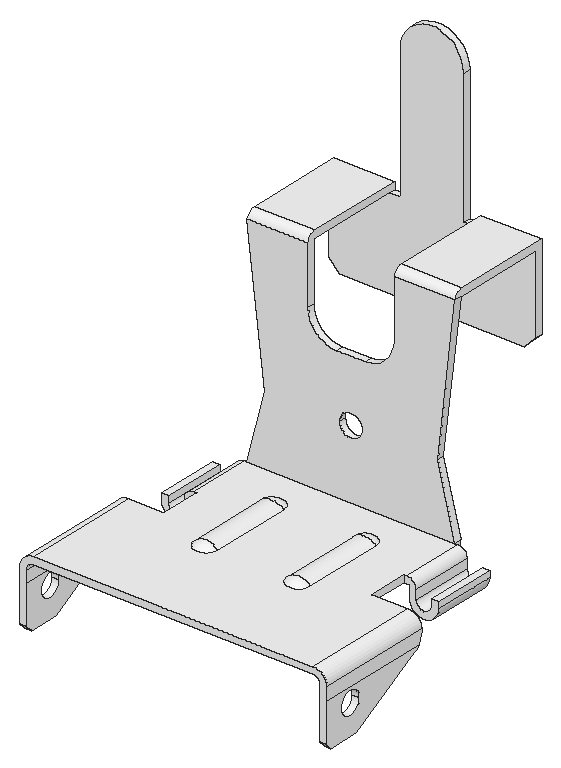
Revit family "Power-Wクリップ", category 機械設備, Revit 2020
Family settings
  丸型コネクタ寸法 = 直径を使用
  種別 = なし
  パーツ タイプ = 標準
  作業面ベース = いいえ
  常に垂直 = はい
  ロード時にボイドで切り取り = いいえ
  共有 = いいえ
  部屋計算ポイント = いいえ
Parameters
  製造元 = "株式会社桐井製作所"
  既定の高さ = 0 mm
  URL = "https://www.kirii.co.jp/"
  K_板厚(mm) = 1.2 mm
  K_品名 = "Power-Wクリップ"
  K_名称 = "耐震クリップ"
  K_入数 = "200"
  K_バージョン情報 = "20220131"
Reference planes
  plane 1 "中心(正面/背面)": y = 0
  plane 2: z = 0
  plane 3 "中心(左/右)": x = 0
Forms (mm)
  Extrusion 1, solid
    sketch origin (0, 30, 0) x (0, 1, 0) y (0, 0, 1)
      loop
        line (-49.2, 0) -> (-38.6, 0) -> (-31.2, 0)
        arc (-31.2, 0) -> (-30.351, 0.351) -> (-30, 1.2) r 1.2
        line (-30, 1.2) -> (-30, 39) -> (-13.6, 39) -> (-13.6, 23.4) -> (-12.4, 23.4) -> (-12.4, 40.2) -> (-29.6, 40.2)
        arc (-29.6, 40.2) -> (-30.6, 39.867) -> (-31.2, 39) r 1.667
        line (-31.2, 39) -> (-31.2, 1.2) -> (-49.2, 1.2) -> (-49.2, 0)
    from -18 to 18
  Extrusion 2, solid
    sketch origin (0, 0, 0) x (1, 0, 0) y (0, 0, 1)
      loop
        arc (24.2, 0) -> (25.049, -0.351) -> (25.4, -1.2) r 1.2
        line (25.4, -1.2) -> (25.4, -3.3) -> (25.4, -11.104) -> (26.6, -11.104) -> (26.6, -3.3) -> (26.6, -1.2)
        arc (26.6, -1.2) -> (25.897, 0.497) -> (24.2, 1.2) r 2.4
        line (24.2, 1.2) -> (-24.2, 1.2)
        arc (-24.2, 1.2) -> (-25.897, 0.497) -> (-26.6, -1.2) r 2.4
        line (-26.6, -1.2) -> (-26.6, -3.3) -> (-26.6, -11.1) -> (-25.4, -11.1) -> (-25.4, -3.3) -> (-25.4, -1.2)
        arc (-25.4, -1.2) -> (-25.049, -0.351) -> (-24.2, 0) r 1.2
        line (-24.2, 0) -> (24.2, 0)
    from 19.2 to 39.7
  Extrusion 3, solid
    sketch origin (0, 0, 0) x (1, 0, 0) y (0, 0, 1)
      loop
        line (-22.8, -1.95) -> (-22.8, -0.9) -> (-24, -0.9) -> (-24, -1.95)
        arc (-24, -1.95) -> (-21.45, -4.5) -> (-18.9, -1.95) r 2.55
        line (-18.9, -1.95) -> (-18.9, 0) -> (18.9, 0) -> (18.9, -1.95)
        arc (18.9, -1.95) -> (21.45, -4.5) -> (24, -1.95) r 2.55
        line (24, -1.95) -> (24, -0.9) -> (22.8, -0.9) -> (22.8, -1.95)
        arc (22.8, -1.95) -> (21.45, -3.3) -> (20.1, -1.95) r 1.35
        line (20.1, -1.95) -> (20.1, -0.4)
        arc (20.1, -0.4) -> (19.631, 0.731) -> (18.5, 1.2) r 1.6
        line (18.5, 1.2) -> (-18.5, 1.2)
        arc (-18.5, 1.2) -> (-19.631, 0.731) -> (-20.1, -0.4) r 1.6
        line (-20.1, -0.4) -> (-20.1, -1.95)
        arc (-20.1, -1.95) -> (-21.45, -3.3) -> (-22.8, -1.95) r 1.35
    from 1.2 to 12.2
  Extrusion 4, void
    sketch origin (0, 0, 0) x (1, 0, 0) y (0, 0, 1)
      loop
        arc (-7.5, 29) -> (-6.036, 25.464) -> (-2.5, 24) r 5
        line (-2.5, 24) -> (2.5, 24)
        arc (2.5, 24) -> (6.036, 25.464) -> (7.5, 29) r 5
        line (7.5, 29) -> (7.5, 40.2) -> (-7.5, 40.2) -> (-7.5, 29)
    from -16.4 to 1.2
  Extrusion 5, void
    sketch origin (0, -22.6, 55.4) x (1, 0, 0) y (0, 0, -1)
      loop
        line (-18, 30) -> (-16, 32) -> (-18, 32) -> (-18, 30)
      loop
        line (18, 32) -> (16, 32) -> (18, 30) -> (18, 32)
    from 39 to 40.2
  Extrusion 6, void
    sketch origin (-39.5, -3.6, 0.004) x (0, 1, 0) y (0, 0, 1)
      loop
        line (-17.163, -4.153) -> (-29.908, -11.104) -> (-15.6, -11.104) -> (-15.6, -1.519)
        arc (-15.6, -1.519) -> (-16.02, -3.05) -> (-17.163, -4.153) r 3
      loop
        line (-35.087, -11.113) -> (-36.1, -10.1) -> (-36.1, -11.113) -> (-35.087, -11.113)
    from 12.9 to 14.1
  Extrusion 7, void
    sketch origin (-39.5, -3.6, 0.004) x (0, 1, 0) y (0, 0, 1)
      loop
        circle (-31.1, -5.8) r 2
    from 12.9 to 14.1
  Extrusion 8, void
    sketch origin (12.5, -3.6, -0.049) x (0, 1, 0) y (0, 0, 1)
      loop
        line (-17.163, -4.153) -> (-29.816, -11.054) -> (-15.6, -11.054) -> (-15.6, -1.519)
        arc (-15.6, -1.519) -> (-16.02, -3.05) -> (-17.163, -4.153) r 3
      loop
        line (-35.146, -11.054) -> (-36.1, -10.1) -> (-36.1, -11.054) -> (-35.146, -11.054)
    from 12.9 to 14.1
  Extrusion 9, void
    sketch origin (12.5, -3.6, -0.049) x (0, 1, 0) y (0, 0, 1)
      loop
        circle (-31.1, -5.8) r 2
    from 12.9 to 14.1
  Extrusion 10, void
    sketch origin (0, 0, 0) x (1, 0, 0) y (0, 0, 1)
      loop
        line (-18, 39) -> (-18, 1.2) -> (-15, 13.2) -> (-18, 39)
      loop
        line (18, 1.2) -> (18, 39) -> (15, 13.2) -> (18, 1.2)
    from 0 to 1.2
  Extrusion 11, void
    sketch origin (0, 0, 0) x (1, 0, 0) y (0, 0, 1)
      loop
        circle (0, 13.2) r 2
    from 0 to 1.2
  Extrusion 12, solid
    sketch origin (8.016, -0.716, 0) x (1, 0, 0) y (0, 0, 1)
      loop
        line (-2, 1.2) -> (2, 1.2)
        arc (2, 1.2) -> (0, 2) -> (-2, 1.2) r 2.9
    from 7.6 to 21.884
  Revolve 13, solid
    sketch origin (8.016, -8.316, 0) x (1, 0, 0) y (0, 0, 1)
      loop
        arc (2, 1.2) -> (1.077, 1.793) -> (0, 2) r 2.9
        line (0, 2) -> (0, 1.2) -> (2, 1.2)
      axis (0, 2) -> (0, 1)
    angle from 0 to 360
  Revolve 14, solid
    sketch origin (8.016, -22.6, 0) x (1, 0, 0) y (0, 0, -1)
      loop
        line (2, -1.2) -> (0, -1.2) -> (0, -2)
        arc (0, -2) -> (1.077, -1.793) -> (2, -1.2) r 2.9
      axis (0, -2) -> (0, -1)
    angle from 0 to 360
  Extrusion 15, solid
    sketch origin (-8.001, -0.716, 0) x (1, 0, 0) y (0, 0, 1)
      loop
        line (-2, 1.2) -> (2, 1.2)
        arc (2, 1.2) -> (0, 2) -> (-2, 1.2) r 2.9
    from 7.6 to 21.884
  Revolve 16, solid
    sketch origin (-8.001, -8.316, 0) x (1, 0, 0) y (0, 0, 1)
      loop
        arc (2, 1.2) -> (1.077, 1.793) -> (0, 2) r 2.9
        line (0, 2) -> (0, 1.2) -> (2, 1.2)
      axis (0, 2) -> (0, 1)
    angle from 0 to 360
  Revolve 17, solid
    sketch origin (-8.001, -22.6, 0) x (1, 0, 0) y (0, 0, -1)
      loop
        line (2, -1.2) -> (0, -1.2) -> (0, -2)
        arc (0, -2) -> (1.077, -1.793) -> (2, -1.2) r 2.9
      axis (0, -2) -> (0, -1)
    angle from 0 to 360
  Extrusion 18, solid
    sketch origin (0, -22.6, 53.362) x (1, 0, 0) y (0, 0, -1)
      loop
        line (-5.5, 17) -> (-5.5, -8.7)
        arc (-5.5, -8.7) -> (0, -14.2) -> (5.5, -8.7) r 5.5
        line (5.5, -8.7) -> (5.5, 17) -> (-5.5, 17)
    from 39 to 40.2
  Extrusion 19, void
    sketch origin (0, 0, 0) x (1, 0, 0) y (0, 0, 1)
      loop
        line (-7.5, 40.2) -> (-7.5, 39) -> (-5.5, 39) -> (-5.5, 40.2) -> (-7.5, 40.2)
      loop
        line (5.5, 40.2) -> (5.5, 39) -> (7.5, 39) -> (7.5, 40.2) -> (5.5, 40.2)
    from -17.6 to -16.4
Cuts and joins
  Extrusion 4, Extrusion 5, Extrusion 10, Extrusion 11, Extrusion 19 cuts Extrusion 1
  Extrusion 5, Extrusion 6, Extrusion 7, Extrusion 8, Extrusion 9, Extrusion 10, Extrusion 11, Extrusion 19 cuts Extrusion 2
  Extrusion 5, Extrusion 10, Extrusion 11, Extrusion 19 cuts Extrusion 3
  Extrusion 19 cuts Extrusion 18
  joined: Extrusion 1, Extrusion 2, Extrusion 3, Extrusion 18
  joined: Extrusion 15, Revolve 16, Revolve 17
  joined: Extrusion 12, Revolve 13, Revolve 14
Dimensions and locks
  aligned and locked: level to plane 2
